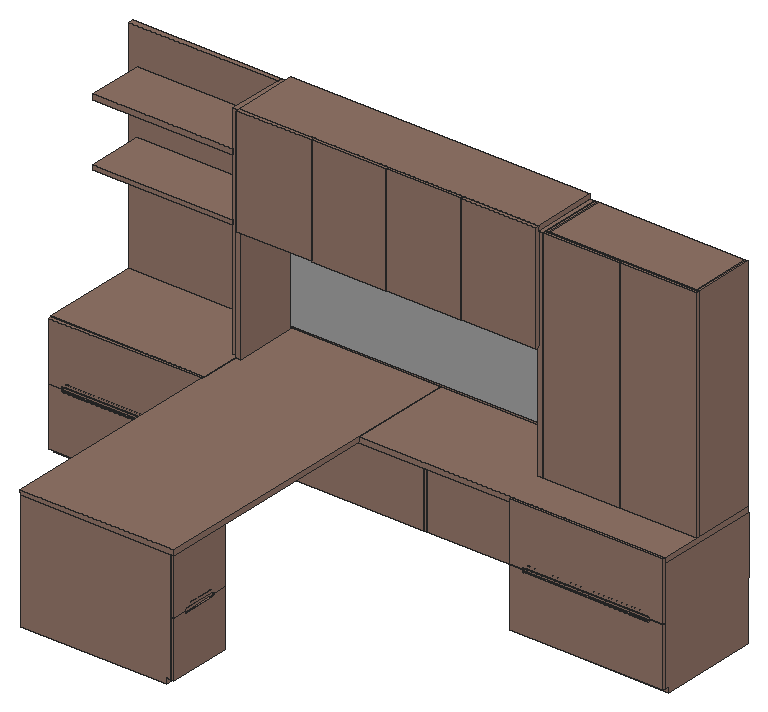
Revit family "OFS TYPICAL T100008", category Furniture, Revit 2022 (continued)
Definition of nested family "OFS SLATE CREDENZAS"
  Definition of nested family "OFS_Slate Private Office_Credenzas_Lateral File"
    Forms (in)
      Extrusion 8, solid, material <- "Case", visible <- "Lateral File"
        sketch origin (0, 0, 0) x (0, 1, 0) y (0, 0, 1)
          loop
            line (0, 28.0125) -> (-0.75, 28.0125) -> (-0.75, 0.45) -> (0, 0.45) -> (0, 28.0125)
        from 0.75 to 29.25
      Extrusion 9, solid, material <- "Case", visible <- "Lateral File"
        sketch origin (0, 0, 0) x (1, 0, 0) y (0, 0, 1)
          loop
            line (0, 28.0125) -> (0, 1.7) -> (0.75, 1.7) -> (0.75, 28.0125) -> (0, 28.0125)
          loop
            line (29.25, 28.0125) -> (29.25, 1.7) -> (30, 1.7) -> (30, 28.0125) -> (29.25, 28.0125)
        from 0 to 24
      Extrusion 10, solid, material <- "Drawers", visible <- "Lateral File"
        sketch origin (0.125, -24.83661, 47.24409) x (0, -1, 0) y (0, 0, 1)
          loop
            line (-0.75, -18.10659) -> (-0.75, -31.76284) -> (0, -31.76284) -> (0, -18.10659) -> (-0.75, -18.10659)
          loop
            line (-0.75, -45.5441) -> (0, -45.5441) -> (0, -31.88784) -> (-0.75, -31.88784) -> (-0.75, -45.5441)
        from 0 to -29.75
      Extrusion 11, void
        sketch origin (-60.07556, -60, 0.45) x (0, -1, 0) y (-1, 0, 0)
          loop
            line (-35.91339, -60.01306) -> (-35.91339, -60.13806) -> (-35.16339, -60.13806) -> (-35.16339, -60.01306) -> (-35.91339, -60.01306)
        from 0 to -28.75
      Sweep 12, void
        path origin (-3.76383, -24.83661, 47.24409) x (-1, 0, 0) y (0, 0, 1)
          loop
            line (-7.41768, -31.01358) -> (-30.10968, -31.01358)
            arc (-30.10968, -31.01358) -> (-30.92144, -31.82534) -> (-30.10968, -32.63711) r 0.81176
            line (-30.10968, -32.63711) -> (-7.41768, -32.63711)
            arc (-7.41768, -32.63711) -> (-6.60591, -31.82534) -> (-7.41768, -31.01358) r 0.81176
        profile origin (14.99984, -24.83661, 16.23051) x (0, 0, -1) y (0, 1, 0)
          loop
            line (0.74926, 0) -> (0.74926, 0.59375) -> (0.23364, 0.59375)
            arc (0.23364, 0.59375) -> (-0.00045, 0.3792) -> (0.19294, 0.12735) r 0.23498
            arc (0.19294, 0.12735) -> (0.23332, 0.10405) -> (0.24927, 0.06025) r 0.06813
            line (0.24927, 0.06025) -> (0.24927, 0) -> (0.74926, 0)
      Sweep 13, void
        path origin (63.76383, -24.83661, 47.24409) x (1, 0, 0) y (0, 0, -1)
          loop
            arc (-8.07183, 31.01358) -> (-7.26007, 31.82534) -> (-8.07183, 32.63711) r 0.81176
            line (-8.07183, 32.63711) -> (-30.76383, 32.63711)
            arc (-30.76383, 32.63711) -> (-31.5756, 31.82534) -> (-30.76383, 31.01358) r 0.81176
            line (-30.76383, 31.01358) -> (-8.07183, 31.01358)
        profile origin (44.346, -24.83661, 16.23051) x (0, 0, 1) y (0, 1, 0)
          loop
            line (-0.74926, 0) -> (-0.24927, 0) -> (-0.24927, 0.06025)
            arc (-0.24927, 0.06025) -> (-0.23332, 0.10405) -> (-0.19294, 0.12735) r 0.06813
            arc (-0.19294, 0.12735) -> (0.00045, 0.3792) -> (-0.23364, 0.59375) r 0.23498
            line (-0.23364, 0.59375) -> (-0.74926, 0.59375) -> (-0.74926, 0)
      Extrusion 14, solid, material <- "Base", visible <- "Lateral File"
        sketch origin (-3.76383, -24.83661, 47.24409) x (-1, 0, 0) y (0, 0, 1)
          loop
            line (-4.51383, -44.79409) -> (-33.01383, -44.79409) -> (-33.01383, -45.54409) -> (-4.51383, -45.54409) -> (-4.51383, -44.79409)
        from 0.83661 to 24.08661
    Cuts and joins
      Extrusion 11, Sweep 12, Sweep 13 cuts Extrusion 10
      joined: Revolve 1, Revolve 2, Revolve 3, Revolve 4
    Lines and regions (in)
      Masking region 1, visible <- "Lateral File"
        outline origin (77.82463, -60, 29.2) x (0, -1, 0) y (1, 0, 0)
          loop
            line (-60, -77.82463) -> (-36, -77.82463) -> (-36, -47.82463) -> (-60, -47.82463) -> (-60, -77.82463)
    Dimensions and locks (in)
      "Width": plane 3 "Center (Left/Right)" to plane 6
      plane 3 "Center (Left/Right)" to plane 11 to plane 7 = 0' - 0 1/8" locked, 0' - 0 5/8" locked
      plane 5 to plane 12 to plane 6 = 0' - 0 5/8" locked, 0' - 0 1/8" locked
      "Length 1": plane 3 "Center (Left/Right)" to plane 4
      Extrusion 11 sketch curve to plane 4 to Extrusion 11 sketch curve = 0' - 0 1/16" locked, 0' - 0 1/16" locked
      equal spacing: plane 6, plane 18, plane 3 "Center (Left/Right)"
      locked: Sweep 12 sketch curve to plane 3 "Center (Left/Right)" at 3.65384
      "Length 2": Sweep 12 sketch curve to Sweep 12 sketch curve
      "Length 2": Sweep 13 sketch curve to Sweep 13 sketch curve
      "Length 3": Sweep 13 sketch curve to plane 3 "Center (Left/Right)"
      aligned and locked: level to plane 2
      aligned and locked: Extrusion 6 to plane 6
      aligned and locked: Sweep 7 sketch curve to Extrusion 6  (x2)
      aligned and locked: plane 10 to Sweep 7 sketch curve
      aligned and locked: plane 5 to Extrusion 8
      aligned and locked: plane 7 to Extrusion 8
      aligned and locked: Extrusion 10 to plane 12
      aligned and locked: Extrusion 11 to plane 14
      aligned and locked: Extrusion 14 sketch curve to plane 7
      aligned and locked: Extrusion 14 sketch curve to plane 5
      aligned and locked: Masking region 1 sketch curve to Extrusion 6  (x4)
    Automatic sketch dimensions
      Revolve 1 sketch curve to plane 13 = 0' - 0"
      Revolve 1 sketch curve to level = 0' - 0"  (x2)
      Revolve 1 sketch curve to plane 7 = 0' - 0.6409"
      Revolve 1 sketch curve to Revolve 1 sketch curve = 0' - 0.245"
      Revolve 1 sketch curve to Revolve 1 sketch curve = 0' - 0.005"
      Revolve 1 sketch curve to Revolve 1 sketch curve = 0' - 0.03868"
      level to Revolve 1 sketch curve = 0' - 0.13"
      Revolve 1 sketch curve to Revolve 1 sketch curve = 0' - 0"
      Revolve 1 sketch curve to level = 0' - 0.09316"
      Revolve 2 sketch curve to plane 13 = 0' - 0"
      Revolve 2 sketch curve to level = 0' - 0"  (x2)
      Revolve 2 sketch curve to plane 5 = 0' - 0.6409"
      Revolve 2 sketch curve to Revolve 2 sketch curve = 0' - 0.245"
      Revolve 2 sketch curve to Revolve 2 sketch curve = 0' - 0.005"
      Revolve 2 sketch curve to Revolve 2 sketch curve = 0' - 0.03868"
      Revolve 2 sketch curve to plane 13 = 0' - 0.19756"
      Revolve 2 sketch curve to Revolve 2 sketch curve = 0' - 0"
      Revolve 2 sketch curve to Revolve 2 sketch curve = 0' - 0.09316"
      Revolve 3 sketch curve to plane 13 = 0' - 0"
      Revolve 3 sketch curve to level = 0' - 0"  (x2)
      Revolve 3 sketch curve to plane 5 = 0' - 0.6409"
      Revolve 3 sketch curve to Revolve 3 sketch curve = 0' - 0.245"
      Revolve 3 sketch curve to Revolve 3 sketch curve = 0' - 0.005"
      Revolve 3 sketch curve to Revolve 3 sketch curve = 0' - 0.03868"
      level to Revolve 3 sketch curve = 0' - 0.13"
      Revolve 3 sketch curve to Revolve 3 sketch curve = 0' - 0"
      Revolve 3 sketch curve to Revolve 3 sketch curve = 0' - 0.09316"
      Revolve 4 sketch curve to plane 13 = 0' - 0"
      Revolve 4 sketch curve to level = 0' - 0"  (x2)
      Revolve 4 sketch curve to plane 7 = 0' - 0.6409"
      Revolve 4 sketch curve to Revolve 4 sketch curve = 0' - 0.245"
      Revolve 4 sketch curve to Revolve 4 sketch curve = 0' - 0.005"
      Revolve 4 sketch curve to Revolve 4 sketch curve = 0' - 0.03868"
      Revolve 4 sketch curve to Revolve 4 sketch curve = 0' - 0.19756"
      Revolve 4 sketch curve to Revolve 4 sketch curve = 0' - 0"
      Revolve 4 sketch curve to level = 0' - 0.09316"
      Extrusion 5 sketch curve to plane 5 = 0' - 0"  (x2)
      Extrusion 5 sketch curve to plane 7 = 0' - 0"  (x2)
      plane 15 to Extrusion 5 sketch curve = 0' - 0.62544"  (x2)
      Extrusion 5 sketch curve to Extrusion 5 sketch curve = 0' - 1 1/2"  (x2)
      Extrusion 5 sketch curve to plane 16 = 0' - 0.62544"  (x2)
      Extrusion 5 sketch curve to plane 7 = 0' - 1 1/2"  (x2)
      Extrusion 5 sketch curve to plane 15 = 0' - 0.87456"  (x2)
      plane 16 to Extrusion 5 sketch curve = 0' - 0.87456"  (x2)
      Extrusion 6 sketch curve to plane 8 = 0' - 0"
      Extrusion 6 sketch curve to plane 1 "Center (Front/Back)" = 0' - 0"
      plane 14 to Extrusion 6 sketch curve = 0' - 0"
      plane 14 to Extrusion 6 sketch curve = 0' - 1 3/16"
      plane 1 "Center (Front/Back)" to Sweep 7 sketch curve = 0' - 0"  (x2)
      Sweep 7 sketch curve to plane 13 = 0' - 0"
      Sweep 7 sketch curve to profile plane = 0' - 0"
      profile plane to Sweep 7 sketch curve = 0' - 0 3/4"
      plane 13 to Sweep 7 sketch curve = 0' - 1 1/4"
      Extrusion 8 sketch curve to plane 13 = 0' - 0"
      Extrusion 8 sketch curve to plane 1 "Center (Front/Back)" = 0' - 0"
      plane 15 to Extrusion 8 sketch curve = 0' - 0.62544"
      plane 14 to Extrusion 8 sketch curve = 0' - 1 3/16"
      Extrusion 9 sketch curve to plane 3 "Center (Left/Right)" = 0' - 0"
      plane 7 to Extrusion 9 sketch curve = 0' - 0"
      Extrusion 9 sketch curve to plane 5 = 0' - 0"
      plane 6 to Extrusion 9 sketch curve = 0' - 0"
      plane 13 to Extrusion 9 sketch curve = 0' - 1 1/4"  (x2)
      plane 14 to Extrusion 9 sketch curve = 0' - 1 3/16"  (x2)
      Extrusion 10 sketch curve to plane 9 = 0' - 0"  (x2)
      Extrusion 10 sketch curve to plane 8 = 0' - 0.08661"  (x2)
      plane 13 to Extrusion 10 sketch curve = 0' - 1 1/4"
      Extrusion 10 sketch curve to Extrusion 10 sketch curve = 1' - 1 21/32"
      Extrusion 10 sketch curve to Extrusion 10 sketch curve = 0' - 0 1/8"
      plane 14 to Extrusion 10 sketch curve = 0' - 0 1/16"
      Extrusion 11 sketch curve to plane 9 = 0' - 0"
      Extrusion 11 sketch curve to plane 8 = 0' - 0.08661"
      Sweep 12 sketch curve to plane 9 = 0' - 0"
      plane 9 to Sweep 12 sketch curve = 0' - 0.06025"
      Sweep 12 sketch curve to profile plane = 0' - 0.18113"
      Sweep 12 sketch curve to profile plane = 0' - 0.23364"
      Sweep 12 sketch curve to Sweep 12 sketch curve = 0' - 0.06813"
      Sweep 12 sketch curve to Sweep 12 sketch curve = 0' - 0 33/64"
      Sweep 12 sketch curve to Sweep 12 sketch curve = 0' - 0.29853"
      Sweep 12 sketch curve to Sweep 12 sketch curve = 0' - 0.23498"
      Sweep 13 sketch curve to plane 9 = 0' - 0"
      profile plane to Sweep 13 sketch curve = 0' - 0.74926"
      profile plane to Sweep 13 sketch curve = 0' - 0.24927"
      profile plane to Sweep 13 sketch curve = 0' - 0.23364"
      Sweep 13 sketch curve to Sweep 13 sketch curve = 0' - 0.06813"
      plane 9 to Sweep 13 sketch curve = 0' - 0.06025"
      Sweep 13 sketch curve to Sweep 13 sketch curve = 0' - 0.29853"
      Sweep 13 sketch curve to Sweep 13 sketch curve = 0' - 0.23498"
      plane 13 to Extrusion 14 sketch curve = 0' - 1 1/4"
      Extrusion 14 sketch curve to Extrusion 14 sketch curve = 0' - 0 3/4"
      plane 13 to Sweep 12 sketch curve = 1' - 2.15699"
      Sweep 12 sketch curve to Sweep 12 sketch curve = 0' - 0.81176"
      plane 14 to Sweep 13 sketch curve = 1' - 0.96949"
      Sweep 13 sketch curve to Sweep 13 sketch curve = 0' - 0.81176"
  Definition of nested family "OFS_Slate Private Office_Credenzas_Overlay Lateral File Doors"
    Parameters
      Width 1 [instance] = if(Width < 5' 0", 5' 0", Width)  # 5' - 0"
      Width [instance] = 5' - 0"
      URL = "http://www.ofsbrands.com/"
      Type = 5
      Top [instance] = none
      Panel [instance] = none
      Model = "Type Catalog"
      Manufacturer = "OFS BRANDS"  # constant formula
      Length 2 [instance] = if(and(Type = 5, Width < 5' 0"), 0' 0.063", 1' 5 7/8")  # 1' - 5 7/8"
      Length 1 [instance] = if(and(Type = 5, Width = 2' 6"), 1' 7.255", if(and(Type = 5, Width = 3' 0"), 2' 1.255", if(and(Type = 5, Width = 5' 0"), 1' 1.255", if(and(Type = 5, Width = 6' 0"), 2' 1.255", if(and(Type = 5, Width = 7' 6"), 1' 6.005", 2' 3.005")))))  # 1' - 1.255"
      Overlay Lateral File = Type = 5  # yes
      Lateral Drawers [instance] = and(Overlay Lateral File, not(Width < 5' 0"))  # yes
      Glides [instance] = none
      Drawers [instance] = none
      Description = "Type Catalog"
      Default Elevation = 0' - 0"
      Copyright © = "© 2016 OFS BRANDS"  # constant formula
      Catalog = "OFS"  # constant formula
      Case [instance] = none
      Base [instance] = none
      Authoring Version = "Autodesk Revit Architecture 2014"  # constant formula
      Assembly Code = "E2020200"
      4 Drawers [instance] = and(Type = 5, Width > 6' 0")  # no
      2 Drawers [instance] = and(Type = 5, Width < 7' 6")  # yes
    Reference planes (in)
      plane 1 "Center (Front/Back)": y = 0
      plane 2: z = 0
      plane 3 "Center (Left/Right)": x = 0
      plane 4: x = 59.25
      plane 5: x = 60
      plane 6: x = 0.75
      plane 7: y = -24
      plane 8: y = -25.58661
      plane 9: y = -23.125
      plane 10: x = 0.125
      plane 11: x = 59.875
      plane 12: z = 0.45
      plane 13: z = 30.3875
      plane 14: y = -1.38677
      plane 15: y = -21.25
      plane 16: y = -11.5625
      plane 17: x = 30
      plane 18: x = 19.6875
      plane 19: x = 40.3125
      plane 20: x = 1.8125
      plane 21: x = 58.1875
      plane 22: x = 58.0625
    Forms (in)
      Revolve 1, solid, material <- "Glides", visible <- "Overlay Lateral File"
        sketch origin (1.0178, -1.38677, 47.24409) x (-1, 0, 0) y (0, 0, 1)
          loop
            line (0.04905, -46.79409) -> (0.04905, -47.24409) -> (0.29405, -47.24409)
            arc (0.29405, -47.24409) -> (0.42215, -47.13626) -> (0.33773, -46.99165) r 0.13
            line (0.33773, -46.99165) -> (0.29905, -46.99165) -> (0.29905, -46.79409) -> (0.04905, -46.79409)
          axis (0.04905, -46.79409) -> (0.04905, -47.24409)
        angle from 0 to 360
      Revolve 2, solid, material <- "Glides", visible <- "Overlay Lateral File"
        sketch origin (70.9822, -1.38677, 47.24409) x (1, 0, 0) y (0, 0, -1)
          loop
            line (-11.95095, 46.79409) -> (-11.70095, 46.79409) -> (-11.70095, 46.99165) -> (-11.66227, 46.99165)
            arc (-11.66227, 46.99165) -> (-11.57785, 47.13626) -> (-11.70595, 47.24409) r 0.13
            line (-11.70595, 47.24409) -> (-11.95095, 47.24409) -> (-11.95095, 46.79409)
          axis (-11.95095, 46.79409) -> (-11.95095, 47.24409)
        angle from 0 to 360
      Revolve 3, solid, material <- "Glides", visible <- "Overlay Lateral File"
        sketch origin (1.0178, -21.25, 47.24409) x (-1, 0, 0) y (0, 0, 1)
          loop
            line (-58.01344, -46.79409) -> (-58.26344, -46.79409) -> (-58.26344, -46.99165) -> (-58.30212, -46.99165)
            arc (-58.30212, -46.99165) -> (-58.38654, -47.13626) -> (-58.25844, -47.24409) r 0.13
            line (-58.25844, -47.24409) -> (-58.01344, -47.24409) -> (-58.01344, -46.79409)
          axis (-58.01344, -46.79409) -> (-58.01344, -47.24409)
        angle from 0 to 360
      Revolve 4, solid, material <- "Glides", visible <- "Overlay Lateral File"
        sketch origin (1.0178, -21.25, 47.24409) x (-1, 0, 0) y (0, 0, 1)
          loop
            line (0.04905, -46.79409) -> (0.04905, -47.24409) -> (0.29405, -47.24409)
            arc (0.29405, -47.24409) -> (0.42215, -47.13626) -> (0.33773, -46.99165) r 0.13
            line (0.33773, -46.99165) -> (0.29905, -46.99165) -> (0.29905, -46.79409) -> (0.04905, -46.79409)
          axis (0.04905, -46.79409) -> (0.04905, -47.24409)
        angle from 0 to 360
      Sweep 5, solid, material <- "Panel", visible <- "Overlay Lateral File"
        path origin (-60.07556, -60, 0.45) x (-1, 0, 0) y (0, -1, 0)
          loop
            line (-120.07556, -36.875) -> (-60.07556, -36.875)
        profile origin (30, -23.125, 0.45) x (0, -1, 0) y (0, 0, 1)
          loop
            line (-0.75, 0) -> (0, 0) -> (0, 1.25) -> (-0.75, 1.25) -> (-0.75, 0)
      Extrusion 6, solid, material <- "Case", visible <- "Overlay Lateral File"
        sketch origin (0, 0, 0) x (0, 1, 0) y (0, 0, 1)
          loop
            line (0, 29.2) -> (-0.76133, 29.2) -> (-0.76133, 0.45) -> (0, 0.45) -> (0, 29.2)
        from 1.9375 to 58.0625
      Extrusion 7, solid, material <- "Panel", visible <- "Overlay Lateral File"
        sketch origin (0, 0, 0) x (1, 0, 0) y (0, 0, 1)
          loop
            line (0, 29.2) -> (0, 1.7) -> (1.9375, 1.7) -> (1.9375, 29.2) -> (0, 29.2)
          loop
            line (58.0625, 29.2) -> (58.0625, 1.7) -> (60, 1.7) -> (60, 29.2) -> (58.0625, 29.2)
        from 0 to 24.75
      Extrusion 8, solid, material <- "Drawers", visible <- "Lateral Drawers"
        sketch origin (0.125, -24.83661, 47.24409) x (0, -1, 0) y (0, 0, 1)
          loop
            line (0.49, -16.91909) -> (0.40162, -16.9557) -> (0, -17.35732) -> (0, -45.5441) -> (0.75, -45.5441) -> (0.75, -16.91909) -> (0.49, -16.91909)
        from -1.6875 to -19.5625
      Extrusion 9, solid, material <- "Base", visible <- "Overlay Lateral File"
        sketch origin (-3.76383, -25.58661, 47.24409) x (-1, 0, 0) y (0, 0, 1)
          loop
            line (-5.70133, -44.79409) -> (-61.82633, -44.79409) -> (-61.82633, -45.54409) -> (-5.70133, -45.54409) -> (-5.70133, -44.79409)
        from 0.83661 to 24.83661
      Extrusion 10, solid, material <- "Drawers", visible <- "Lateral Drawers"
        sketch origin (65.875, -24.83661, 47.24409) x (0, -1, 0) y (0, 0, -1)
          loop
            line (0.49, 16.91909) -> (0.75, 16.91909) -> (0.75, 45.5441) -> (0, 45.5441) -> (0, 17.35732) -> (0.40162, 16.9557) -> (0.49, 16.91909)
        from -7.6875 to -25.5625
      Extrusion 11, solid, material <- "Drawers", visible <- "2 Drawers"
        sketch origin (-3.76383, -25.58661, 47.24409) x (-1, 0, 0) y (0, 0, 1)
          loop
            line (-23.57633, -16.9191) -> (-43.95133, -16.9191) -> (-43.95133, -30.57535) -> (-23.57633, -30.57535) -> (-23.57633, -16.9191)
          loop
            line (-43.95133, -30.70035) -> (-43.95133, -45.54409) -> (-23.57633, -45.54409) -> (-23.57633, -30.70035) -> (-43.95133, -30.70035)
        from 0 to 0.75
      Extrusion 12, solid, material <- "Top", visible <- "Overlay Lateral File"
        sketch origin (1.8125, -27.03977, 47.24409) x (0, -1, 0) y (0, 0, 1)
          loop
            line (-26.28977, -16.85659) -> (-26.28977, -18.0441) -> (-2.28977, -18.0441) -> (-2.28977, -16.85659) -> (-26.28977, -16.85659)
        from 0 to -56.375
      Extrusion 13, solid, material <- "Panel", visible <- "Overlay Lateral File"
        sketch origin (-60.07556, -60, 0.45) x (-1, 0, 0) y (0, -1, 0)
          loop
            line (-62.01306, -38.8125) -> (-62.01306, -60) -> (-60.07556, -60) -> (-60.07556, -36.875) -> (-62.01306, -38.8125)
          loop
            line (-118.13806, -38.8125) -> (-120.07556, -36.875) -> (-120.07556, -60) -> (-118.13806, -60) -> (-118.13806, -38.8125)
        from 0 to 1.25
      Sweep 14, void
        path origin (-3.76383, -25.58661, 47.24409) x (-1, 0, 0) y (0, 0, 1)
          loop
            line (-27.13633, -29.82608) -> (-40.39133, -29.82608)
            arc (-40.39133, -29.82608) -> (-41.2031, -30.63785) -> (-40.39133, -31.44961) r 0.81176
            line (-40.39133, -31.44961) -> (-27.13633, -31.44961)
            arc (-27.13633, -31.44961) -> (-26.32457, -30.63785) -> (-27.13633, -29.82608) r 0.81176
        profile origin (30, -25.58661, 17.41801) x (0, 0, -1) y (0, 1, 0)
          loop
            line (0.74926, 0) -> (0.74926, 0.59375) -> (0.23364, 0.59375)
            arc (0.23364, 0.59375) -> (0.00071, 0.38112) -> (0.19126, 0.12981) r 0.2339
            arc (0.19126, 0.12981) -> (0.23287, 0.10547) -> (0.24927, 0.06015) r 0.07084
            line (0.24927, 0.06015) -> (0.24927, 0) -> (0.74926, 0)
      Extrusion 15, solid, material <- "Drawers", visible <- "4 Drawers"
        sketch origin (30, -60, -12) x (0, 0, -1) y (0, -1, 0)
          loop
            line (-42.325, -35.16339) -> (-28.66875, -35.16339) -> (-28.66875, -34.41339) -> (-42.325, -34.41339) -> (-42.325, -35.16339)
          loop
            line (-28.54375, -35.16339) -> (-13.7, -35.16339) -> (-13.7, -34.41339) -> (-28.54375, -34.41339) -> (-28.54375, -35.16339)
        from 0.125 to 10.1875
      Extrusion 16, solid, material <- "Drawers", visible <- "4 Drawers"
        sketch origin (30, -60, -12) x (0, 0, -1) y (0, -1, 0)
          loop
            line (-42.325, -35.16339) -> (-28.66875, -35.16339) -> (-28.66875, -34.41339) -> (-42.325, -34.41339) -> (-42.325, -35.16339)
          loop
            line (-28.54375, -35.16339) -> (-13.7, -35.16339) -> (-13.7, -34.41339) -> (-28.54375, -34.41339) -> (-28.54375, -35.16339)
        from -0.125 to -10.1875
      Sweep 17, void
        path origin (-3.76383, -25.58661, 47.24409) x (-1, 0, 0) y (0, 0, 1)
          loop
            line (-16.88624, -29.82608) -> (-30.14124, -29.82608)
            arc (-30.14124, -29.82608) -> (-30.953, -30.63785) -> (-30.14124, -31.44961) r 0.81176
            line (-30.14124, -31.44961) -> (-16.88624, -31.44961)
            arc (-16.88624, -31.44961) -> (-16.07448, -30.63785) -> (-16.88624, -29.82608) r 0.81176
        profile origin (19.74991, -25.58661, 17.41801) x (0, 0, -1) y (0, 1, 0)
          loop
            line (0.74926, 0) -> (0.74926, 0.59363) -> (0.23316, 0.59363)
            arc (0.23316, 0.59363) -> (-0.0007, 0.37998) -> (0.191, 0.12781) r 0.23482
            arc (0.191, 0.12781) -> (0.23279, 0.10343) -> (0.24927, 0.05795) r 0.07102
            line (0.24927, 0.05795) -> (0.24927, 0) -> (0.74926, 0)
      Sweep 18, void
        path origin (93.76383, -25.58661, 47.24409) x (1, 0, 0) y (0, 0, -1)
          loop
            arc (-46.88624, 29.82608) -> (-46.07448, 30.63785) -> (-46.88624, 31.44961) r 0.81176
            line (-46.88624, 31.44961) -> (-60.14124, 31.44961)
            arc (-60.14124, 31.44961) -> (-60.953, 30.63785) -> (-60.14124, 29.82608) r 0.81176
            line (-60.14124, 29.82608) -> (-46.88624, 29.82608)
        profile origin (40.25009, -25.58661, 17.41801) x (0, 0, 1) y (0, 1, 0)
          loop
            line (-0.74926, 0) -> (-0.24927, 0) -> (-0.24927, 0.05795)
            arc (-0.24927, 0.05795) -> (-0.23279, 0.10343) -> (-0.191, 0.12781) r 0.07102
            arc (-0.191, 0.12781) -> (0.0007, 0.37998) -> (-0.23316, 0.59363) r 0.23482
            line (-0.23316, 0.59363) -> (-0.74926, 0.59363) -> (-0.74926, 0)
    Cuts and joins
      joined: Revolve 1, Revolve 2, Revolve 3, Revolve 4
      joined: Extrusion 8, Extrusion 10
      joined: Sweep 5, Extrusion 13
      Sweep 14 cuts Extrusion 11
      Sweep 17, Sweep 18 cuts Extrusion 15
      Sweep 18 cuts Extrusion 16
    Lines and regions (in)
      Masking region 1, visible <- "Overlay Lateral File"
        outline origin (77.82463, -60, 30.3875) x (0, -1, 0) y (1, 0, 0)
          loop
            line (-60, -77.82463) -> (-34.41339, -77.82463) -> (-34.41339, -17.82463) -> (-60, -17.82463) -> (-60, -77.82463)
    Dimensions and locks (in)
      "Width 1": plane 3 "Center (Left/Right)" to plane 5
      equal spacing: plane 3 "Center (Left/Right)", plane 17, plane 5
      locked: plane 18 to Extrusion 11 sketch curve at 0.125
      locked: plane 19 to Extrusion 11 sketch curve at 0.125
      locked: Extrusion 7 sketch curve to plane 3 "Center (Left/Right)" at 1.9375
      locked: plane 20 to Extrusion 9 sketch curve at 0.125
      equal spacing: Sweep 14 sketch curve, plane 17, Sweep 14 sketch curve
      "Length 1": Sweep 14 sketch curve to Sweep 14 sketch curve
      Extrusion 13 sketch curve to Extrusion 13 sketch curve to plane 9 = 0' - 0" locked, 0' - 1 15/16" locked
      locked: plane 3 "Center (Left/Right)" to Extrusion 13 sketch curve at 1.9375
      locked: Sweep 17 sketch curve to plane 17 at 3.62259
      "Length 1": Sweep 17 sketch curve to Sweep 17 sketch curve
      "Length 1": Sweep 18 sketch curve to Sweep 18 sketch curve
      locked: plane 17 to Sweep 18 sketch curve at 3.62259
      plane 3 "Center (Left/Right)" to plane 10 to plane 6 to plane 20 = 0' - 0 1/8" locked, 0' - 0 5/8" locked, 0' - 1 1/16" locked
      plane 22 to plane 21 to plane 4 to plane 11 to plane 5 = 0' - 0 1/8" locked, 0' - 1 1/16" locked, 0' - 0 5/8" locked, 0' - 0 1/8" locked
      "Length 2": plane 20 to plane 18
      "Length 2": plane 19 to plane 21
      aligned and locked: level to plane 2
      aligned and locked: plane 9 to Sweep 5 sketch curve
      aligned and locked: Extrusion 10 to plane 19
      aligned and locked: Extrusion 11 sketch curve to Extrusion 11 sketch curve  (x2)
      aligned and locked: cut or joined group of Extrusion 8, Extrusion 10 to plane 18
      aligned and locked: cut or joined group of Extrusion 8, Extrusion 10 to plane 19
      aligned and locked: plane 21 to Extrusion 12
      aligned and locked: plane 21 to cut or joined group of Extrusion 8, Extrusion 10
      aligned and locked: Extrusion 6 to plane 22
      aligned and locked: Extrusion 7 sketch curve to plane 22
      aligned and locked: Extrusion 13 sketch curve to plane 22
      aligned and locked: plane 5 to Extrusion 13 sketch curve
      aligned and locked: plane 9 to Extrusion 13 sketch curve  (x2)
      aligned and locked: Extrusion 13 sketch curve to plane 3 "Center (Left/Right)"
      aligned and locked: plane 22 to Extrusion 9 sketch curve
      aligned and locked: Masking region 1 sketch curve to Extrusion 7
      aligned and locked: cut or joined group of Extrusion 11, Sweep 14 to cut or joined group of Extrusion 15, Sweep 17, Sweep 18
      aligned and locked: cut or joined group of Extrusion 16, Sweep 18 to cut or joined group of Extrusion 11, Sweep 14
    Automatic sketch dimensions
      Revolve 1 sketch curve to plane 12 = 0' - 0"
      Revolve 1 sketch curve to level = 0' - 0"  (x2)
      Revolve 1 sketch curve to plane 6 = 0' - 0 7/32"
      plane 6 to Revolve 1 sketch curve = 0' - 0.02625"
      plane 6 to Revolve 1 sketch curve = 0' - 0 1/32"
      Revolve 1 sketch curve to Revolve 1 sketch curve = 0' - 0.03868"
      level to Revolve 1 sketch curve = 0' - 0.13"
      Revolve 1 sketch curve to Revolve 1 sketch curve = 0' - 0"
      Revolve 1 sketch curve to level = 0' - 0.09316"
      Revolve 2 sketch curve to plane 12 = 0' - 0"
      Revolve 2 sketch curve to level = 0' - 0"  (x2)
      Revolve 2 sketch curve to plane 4 = 0' - 0 7/32"
      plane 4 to Revolve 2 sketch curve = 0' - 0.02625"
      plane 4 to Revolve 2 sketch curve = 0' - 0 1/32"
      Revolve 2 sketch curve to Revolve 2 sketch curve = 0' - 0.03868"
      Revolve 2 sketch curve to plane 12 = 0' - 0.19756"
      Revolve 2 sketch curve to Revolve 2 sketch curve = 0' - 0"
      Revolve 2 sketch curve to Revolve 2 sketch curve = 0' - 0.09316"
      Revolve 3 sketch curve to plane 12 = 0' - 0"
      Revolve 3 sketch curve to level = 0' - 0"  (x2)
      plane 4 to Revolve 3 sketch curve = 0' - 0.06992"
      plane 4 to Revolve 3 sketch curve = 0' - 0 1/32"
      plane 4 to Revolve 3 sketch curve = 0' - 0.02625"
      Revolve 3 sketch curve to plane 4 = 0' - 0 7/32"
      level to Revolve 3 sketch curve = 0' - 0.13"
      Revolve 3 sketch curve to Revolve 3 sketch curve = 0' - 0"
      Revolve 3 sketch curve to Revolve 3 sketch curve = 0' - 0.09316"
      Revolve 4 sketch curve to plane 12 = 0' - 0"
      Revolve 4 sketch curve to level = 0' - 0"  (x2)
      Revolve 4 sketch curve to plane 6 = 0' - 0 7/32"
      plane 6 to Revolve 4 sketch curve = 0' - 0.02625"
      plane 6 to Revolve 4 sketch curve = 0' - 0 1/32"
      Revolve 4 sketch curve to Revolve 4 sketch curve = 0' - 0.03868"
      Revolve 4 sketch curve to Revolve 4 sketch curve = 0' - 0.13"
      Revolve 4 sketch curve to Revolve 4 sketch curve = 0' - 0"
      Revolve 4 sketch curve to level = 0' - 0.09316"
      Sweep 5 sketch curve to plane 5 = 0' - 0"
      Sweep 5 sketch curve to plane 3 "Center (Left/Right)" = 0' - 0"
      Sweep 5 sketch curve to plane 12 = 0' - 0"
      Sweep 5 sketch curve to profile plane = 0' - 0"
      profile plane to Sweep 5 sketch curve = 0' - 0 3/4"
      Sweep 5 sketch curve to Sweep 5 sketch curve = 0' - 1 1/4"
      Extrusion 6 sketch curve to plane 12 = 0' - 0"
      Extrusion 6 sketch curve to plane 1 "Center (Front/Back)" = 0' - 0"
      plane 14 to Extrusion 6 sketch curve = 0' - 0.62544"
      plane 13 to Extrusion 6 sketch curve = 0' - 1 3/16"
      Extrusion 7 sketch curve to plane 3 "Center (Left/Right)" = 0' - 0"
      plane 5 to Extrusion 7 sketch curve = 0' - 0"
      plane 12 to Extrusion 7 sketch curve = 0' - 1 1/4"  (x2)
      plane 13 to Extrusion 7 sketch curve = 0' - 1 3/16"  (x2)
      Extrusion 8 sketch curve to plane 8 = 0' - 0"
      plane 13 to Extrusion 8 sketch curve = 0' - 0 1/16"
      plane 8 to Extrusion 8 sketch curve = 0' - 0.26"
      plane 13 to Extrusion 8 sketch curve = 0' - 0.09911"
      Extrusion 8 sketch curve to Extrusion 8 sketch curve = 0' - 0.08838"
      plane 8 to Extrusion 8 sketch curve = 0' - 0 3/4"
      plane 13 to Extrusion 8 sketch curve = 0' - 0.50072"
      plane 12 to Extrusion 8 sketch curve = 0' - 1 1/4"
      plane 12 to Extrusion 9 sketch curve = 0' - 1 1/4"
      Extrusion 9 sketch curve to Extrusion 9 sketch curve = 0' - 0 3/4"
      Extrusion 10 sketch curve to plane 8 = 0' - 0"
      plane 13 to Extrusion 10 sketch curve = 0' - 0 1/16"
      Extrusion 10 sketch curve to Extrusion 10 sketch curve = 0' - 0.26"
      plane 13 to Extrusion 10 sketch curve = 0' - 0.09911"
      Extrusion 10 sketch curve to Extrusion 10 sketch curve = 0' - 0.08838"
      Extrusion 10 sketch curve to Extrusion 10 sketch curve = 0' - 0 3/4"
      plane 13 to Extrusion 10 sketch curve = 0' - 0.50072"
      plane 12 to Extrusion 10 sketch curve = 0' - 1 1/4"
      plane 12 to Extrusion 11 sketch curve = 0' - 1 1/4"
      plane 13 to Extrusion 11 sketch curve = 1' - 1 27/32"
      Extrusion 11 sketch curve to Extrusion 11 sketch curve = 0' - 0 1/8"
      plane 13 to Extrusion 11 sketch curve = 0' - 0 1/16"
      plane 13 to Extrusion 12 sketch curve = 0' - 0"
      plane 14 to Extrusion 12 sketch curve = 0' - 0.63677"
      Extrusion 12 sketch curve to plane 7 = 0' - 0 3/4"
      plane 13 to Extrusion 12 sketch curve = 0' - 1 3/16"
      plane 1 "Center (Front/Back)" to Extrusion 13 sketch curve = 0' - 0"  (x2)
      Sweep 14 sketch curve to plane 8 = 0' - 0"
      plane 8 to Sweep 14 sketch curve = 0' - 0.06015"
      Sweep 14 sketch curve to profile plane = 0' - 0.17843"
      Sweep 14 sketch curve to profile plane = 0' - 0.23364"
      Sweep 14 sketch curve to Sweep 14 sketch curve = 0' - 0.07084"
      Sweep 14 sketch curve to Sweep 14 sketch curve = 0' - 0 33/64"
      Sweep 14 sketch curve to Sweep 14 sketch curve = 0' - 0.2997"
      Sweep 14 sketch curve to Sweep 14 sketch curve = 0' - 0.2339"
      Extrusion 15 sketch curve to plane 8 = 0' - 0"  (x2)
      plane 13 to Extrusion 15 sketch curve = 0' - 0 1/16"
      plane 8 to Extrusion 15 sketch curve = 0' - 0 3/4"
      Extrusion 15 sketch curve to Extrusion 15 sketch curve = 1' - 1 21/32"
      Extrusion 15 sketch curve to Extrusion 15 sketch curve = 0' - 0 1/8"
      plane 12 to Extrusion 15 sketch curve = 0' - 1 1/4"
      Extrusion 15 sketch curve to Extrusion 15 sketch curve = 0' - 0 3/4"
      Extrusion 16 sketch curve to plane 8 = 0' - 0"  (x2)
      plane 13 to Extrusion 16 sketch curve = 0' - 0 1/16"
      plane 8 to Extrusion 16 sketch curve = 0' - 0 3/4"
      Extrusion 16 sketch curve to Extrusion 16 sketch curve = 1' - 1 21/32"
      Extrusion 16 sketch curve to Extrusion 16 sketch curve = 0' - 0 1/8"
      plane 12 to Extrusion 16 sketch curve = 0' - 1 1/4"
      Extrusion 16 sketch curve to Extrusion 16 sketch curve = 0' - 0 3/4"
      Sweep 17 sketch curve to plane 8 = 0' - 0"
      plane 8 to Sweep 17 sketch curve = 0' - 0.05795"
      Sweep 17 sketch curve to profile plane = 0' - 0.17825"
      Sweep 17 sketch curve to profile plane = 0' - 0.23316"
      Sweep 17 sketch curve to Sweep 17 sketch curve = 0' - 0.07102"
      Sweep 17 sketch curve to Sweep 17 sketch curve = 0' - 0.5161"
      Sweep 17 sketch curve to Sweep 17 sketch curve = 0' - 0.30087"
      Sweep 17 sketch curve to Sweep 17 sketch curve = 0' - 0.23482"
      Sweep 18 sketch curve to plane 8 = 0' - 0"
      profile plane to Sweep 18 sketch curve = 0' - 0.74926"
      profile plane to Sweep 18 sketch curve = 0' - 0.24927"
      profile plane to Sweep 18 sketch curve = 0' - 0.23316"
      Sweep 18 sketch curve to Sweep 18 sketch curve = 0' - 0.07102"
      plane 8 to Sweep 18 sketch curve = 0' - 0.05795"
      Sweep 18 sketch curve to Sweep 18 sketch curve = 0' - 0.30087"
      Sweep 18 sketch curve to Sweep 18 sketch curve = 0' - 0.23482"
      Masking region 1 sketch curve to plane 3 "Center (Left/Right)" = 0' - 0"
      Masking region 1 sketch curve to plane 8 = 0' - 0"
      Masking region 1 sketch curve to plane 5 = 0' - 0"
      plane 13 to Sweep 14 sketch curve = 1' - 2.59302"
      Sweep 14 sketch curve to Sweep 14 sketch curve = 0' - 0.81176"
      plane 13 to Sweep 17 sketch curve = 1' - 2.59302"
      Sweep 17 sketch curve to Sweep 17 sketch curve = 0' - 0.81176"
      plane 13 to Sweep 18 sketch curve = 1' - 0.96949"
      Sweep 18 sketch curve to Sweep 18 sketch curve = 0' - 0.81176"
Definition of nested family "OFS SLATE OPEN SHELF ORGANIZER"
  Parameters (values of type "Open Shelf Organizer2 Shelves - Left, 2 High - 36W x 52H")
    Width = 3' - 0"
    URL = "http://www.ofs.com/"
    Shelves = 2
    Shelf [instance] = none
    Right = no
    Panel [instance] = none
    Model = "CA-3652LS31-2"
    Manufacturer = "CAROLINA"
    Length = if(Shelves = 1, 0' 1.188", 1' 4")  # 1' - 4"
    Left = yes
    High = 2
    Height 1 = if(and(Shelves = 1, High = 1, Height = 3' 4"), 1' 7", if(and(Shelves = 1, High = 1.5, Height = 4' 4"), 2' 1", if(and(Shelves = 2, High = 1.5, Height = 4' 4"), 2' 1", 2' 7")))  # 2' - 7"
    Height = 4' - 4"
    Elevation [instance] = 2' - 5 1/4"
    Description = "OFS SLATE Open Shelf Organizer, 2 Shelves, Left 36W x 14.25D x 51.5H, Slate Private Office"
    Default Elevation = 0' - 0"
    Copyright © = "© 2019 OFS"
    Catalog = "https://ofs.com/products/tables/conference/slate"
    Authoring Version = "Autodesk Revit Architecture 2014"
    Assembly Code = "E2020200"
  Types (40): name | Width | Shelves | Right | Model | Length | Left | High | Height 1 | Height | Description
    Open Shelf Organizer2 Shelves - Left, 2 High - 36W x 52H | 3' - 0" | 2 | no | "CA-3652LS31-2" | 1' - 4" | yes | 2 | 2' - 7" | 4' - 4" | "OFS SLATE Open Shelf Organizer, 2 Shelves, Left 36W x 14.25D x 51.5H, Slate Private Office"
    Open Shelf Organizer2 Shelves - Left 2 High - 30W x 52H | 2' - 6" | 2 | no | "CA-3052LS31-2" | 1' - 4" | yes | 2 | 2' - 7" | 4' - 4" | "OFS SLATE Open Shelf Organizer, 2 Shelves, Left 30W x 14.25D x 51.5H, Slate Private Office"
    Open Shelf Organizer2 Shelves - Left 2 High - 24W x 52H | 2' - 0" | 2 | no | "CA-2452LS31-2" | 1' - 4" | yes | 2 | 2' - 7" | 4' - 4" | "OFS SLATE Open Shelf Organizer, 2 Shelves, Left 24W x 14.25D x 51.5H, Slate Private Office"
    Open Shelf Organizer2 Shelves - Left 2 High - 18W x 52H | 1' - 6" | 2 | no | "CA-1852LS31-2" | 1' - 4" | yes | 2 | 2' - 7" | 4' - 4" | "OFS SLATE Open Shelf Organizer, 2 Shelves, Left 18W x 14.25D x 51.5H, Slate Private Office"
    Open Shelf Organizer2 Shelves - Right 2 High - 36W x 52H | 3' - 0" | 2 | yes | "CA-3652RS31-2" | 1' - 4" | no | 2 | 2' - 7" | 4' - 4" | "OFS SLATE Open Shelf Organizer, 2 Shelves, Right 36W x 14.25D x 51.5H, Slate Private Office"
    Open Shelf Organizer2 Shelves - Right 2 High - 30W x 52H | 2' - 6" | 2 | yes | "CA-3052RS31-2" | 1' - 4" | no | 2 | 2' - 7" | 4' - 4" | "OFS SLATE Open Shelf Organizer, 2 Shelves, Right 30W x 14.25D x 51.5H, Slate Private Office"
    Open Shelf Organizer2 Shelves - Right 2 High - 24W x 52H | 2' - 0" | 2 | yes | "CA-2452RS31-2" | 1' - 4" | no | 2 | 2' - 7" | 4' - 4" | "OFS SLATE Open Shelf Organizer, 2 Shelves, Right 24W x 14.25D x 51.5H, Slate Private Office"
    Open Shelf Organizer2 Shelves - Right 2 High - 18W x 52H | 1' - 6" | 2 | yes | "CA-1852RS31-2" | 1' - 4" | no | 2 | 2' - 7" | 4' - 4" | "OFS SLATE Open Shelf Organizer, 2 Shelves, Right 18W x 14.25D x 51.5H, Slate Private Office"
    Open Shelf Organizer2 Shelves - Left 1.5 High - 36W x 52H | 3' - 0" | 2 | no | "CA-3652LS25-2" | 1' - 4" | yes | 1.5 | 2' - 1" | 4' - 4" | "OFS SLATE Open Shelf Organizer, 2 Shelves, Left 36W x 14.25D x 51.5H, Slate Private Office"
    Open Shelf Organizer2 Shelves - Left 1.5 High - 30W x 52H | 2' - 6" | 2 | no | "CA-3052LS25-2" | 1' - 4" | yes | 1.5 | 2' - 1" | 4' - 4" | "OFS SLATE Open Shelf Organizer, 2 Shelves, Left 30W x 14.25D x 51.5H, Slate Private Office"
    Open Shelf Organizer2 Shelves - Left 1.5 High - 24W x 52H | 2' - 0" | 2 | no | "CA-2452LS25-2" | 1' - 4" | yes | 1.5 | 2' - 1" | 4' - 4" | "OFS SLATE Open Shelf Organizer, 2 Shelves, Left 24W x 14.25D x 51.5H, Slate Private Office"
    Open Shelf Organizer2 Shelves - Left 1.5 High - 18W x 52H | 1' - 6" | 2 | no | "CA-1852LS25-2" | 1' - 4" | yes | 1.5 | 2' - 1" | 4' - 4" | "OFS SLATE Open Shelf Organizer, 2 Shelves, Left 18W x 14.25D x 51.5H, Slate Private Office"
    Open Shelf Organizer2 Shelves - Right 1.5 High - 36W x 52H | 3' - 0" | 2 | yes | "CA-3652RS25-2" | 1' - 4" | no | 1.5 | 2' - 1" | 4' - 4" | "OFS SLATE Open Shelf Organizer, 2 Shelves, Right 36W x 14.25D x 51.5H, Slate Private Office"
    Open Shelf Organizer2 Shelves - Right 1.5 High - 30W x 52H | 2' - 6" | 2 | yes | "CA-3052RS25-2" | 1' - 4" | no | 1.5 | 2' - 1" | 4' - 4" | "OFS SLATE Open Shelf Organizer, 2 Shelves, Right 30W x 14.25D x 51.5H, Slate Private Office"
    Open Shelf Organizer2 Shelves - Right 1.5 High - 24W x 52H | 2' - 0" | 2 | yes | "CA-2452RS25-2" | 1' - 4" | no | 1.5 | 2' - 1" | 4' - 4" | "OFS SLATE Open Shelf Organizer, 2 Shelves, Right 24W x 14.25D x 51.5H, Slate Private Office"
    Open Shelf Organizer2 Shelves - Right 1.5 High - 18W x 52H | 1' - 6" | 2 | yes | "CA-1852RS25-2" | 1' - 4" | no | 1.5 | 2' - 1" | 4' - 4" | "OFS SLATE Open Shelf Organizer, 2 Shelves, Right 18W x 14.25D x 51.5H, Slate Private Office"
    Open Shelf Organizer1 Shelf - Left 2 High - 36W x 52H | 3' - 0" | 1 | no | "CA-3652LS31-1" | 0' - 1.188" | yes | 2 | 2' - 7" | 4' - 4" | "OFS SLATE Open Shelf Organizer, 1 Shelf, Left 36W x 14.25D x 51.5H, Slate Private Office"
    Open Shelf Organizer1 Shelf - Left 2 High - 30W x 52H | 2' - 6" | 1 | no | "CA-3052LS31-1" | 0' - 1.188" | yes | 2 | 2' - 7" | 4' - 4" | "OFS SLATE Open Shelf Organizer, 1 Shelf, Left 30W x 14.25D x 51.5H, Slate Private Office"
    Open Shelf Organizer1 Shelf - Left 2 High - 24W x 52H | 2' - 0" | 1 | no | "CA-2452LS31-1" | 0' - 1.188" | yes | 2 | 2' - 7" | 4' - 4" | "OFS SLATE Open Shelf Organizer, 1 Shelf, Left 24W x 14.25D x 51.5H, Slate Private Office"
    Open Shelf Organizer1 Shelf - Left 2 High - 18W x 52H | 1' - 6" | 1 | no | "CA-1852LS31-1" | 0' - 1.188" | yes | 2 | 2' - 7" | 4' - 4" | "OFS SLATE Open Shelf Organizer, 1 Shelf, Left 18W x 14.25D x 51.5H, Slate Private Office"
    Open Shelf Organizer1 Shelf - Right 2 High - 36W x 52H | 3' - 0" | 1 | yes | "CA-3652RS31-1" | 0' - 1.188" | no | 2 | 2' - 7" | 4' - 4" | "OFS SLATE Open Shelf Organizer, 1 Shelf, Right 36W x 14.25D x 51.5H, Slate Private Office"
    Open Shelf Organizer1 Shelf - Right 2 High - 30W x 52H | 2' - 6" | 1 | yes | "CA-3052RS31-1" | 0' - 1.188" | no | 2 | 2' - 7" | 4' - 4" | "OFS SLATE Open Shelf Organizer, 1 Shelf, Right 30W x 14.25D x 51.5H, Slate Private Office"
    Open Shelf Organizer1 Shelf - Right 2 High - 24W x 52H | 2' - 0" | 1 | yes | "CA-2452RS31-1" | 0' - 1.188" | no | 2 | 2' - 7" | 4' - 4" | "OFS SLATE Open Shelf Organizer, 1 Shelf, Right 24W x 14.25D x 51.5H, Slate Private Office"
    Open Shelf Organizer1 Shelf - Right 2 High - 18W x 52H | 1' - 6" | 1 | yes | "CA-1852RS31-1" | 0' - 1.188" | no | 2 | 2' - 7" | 4' - 4" | "OFS SLATE Open Shelf Organizer, 1 Shelf, Right 18W x 14.25D x 51.5H, Slate Private Office"
    Open Shelf Organizer1 Shelf - Left 1.5 High - 36W x 52H | 3' - 0" | 1 | no | "CA-3652LS25-1" | 0' - 1.188" | yes | 1.5 | 2' - 1" | 4' - 4" | "OFS SLATE Open Shelf Organizer, 1 Shelf, Left 36W x 14.25D x 51.5H, Slate Private Office"
    Open Shelf Organizer1 Shelf - Left 1.5 High - 30W x 52H | 2' - 6" | 1 | no | "CA-3052LS25-1" | 0' - 1.188" | yes | 1.5 | 2' - 1" | 4' - 4" | "OFS SLATE Open Shelf Organizer, 1 Shelf, Left 30W x 14.25D x 51.5H, Slate Private Office"
    Open Shelf Organizer1 Shelf - Left 1.5 High - 24W x 52H | 2' - 0" | 1 | no | "CA-2452LS25-1" | 0' - 1.188" | yes | 1.5 | 2' - 1" | 4' - 4" | "OFS SLATE Open Shelf Organizer, 1 Shelf, Left 24W x 14.25D x 51.5H, Slate Private Office"
    Open Shelf Organizer1 Shelf - Left 1.5 High - 18W x 52H | 1' - 6" | 1 | no | "CA-1852LS25-1" | 0' - 1.188" | yes | 1.5 | 2' - 1" | 4' - 4" | "OFS SLATE Open Shelf Organizer, 1 Shelf, Left 18W x 14.25D x 51.5H, Slate Private Office"
    Open Shelf Organizer1 Shelf - Right 1.5 High - 36W x 52H | 3' - 0" | 1 | yes | "CA-3652RS25-1" | 0' - 1.188" | no | 1.5 | 2' - 1" | 4' - 4" | "OFS SLATE Open Shelf Organizer, 1 Shelf, Right 36W x 14.25D x 51.5H, Slate Private Office"
    Open Shelf Organizer1 Shelf - Right, 1.5 High - 30W x 52H | 2' - 6" | 1 | yes | "CA-3052RS25-1" | 0' - 1.188" | no | 1.5 | 2' - 1" | 4' - 4" | "OFS SLATE Open Shelf Organizer, 1 Shelf, Right 30W x 14.25D x 51.5H, Slate Private Office"
    Open Shelf Organizer1 Shelf - Right 1.5 High - 24W x 52H | 2' - 0" | 1 | yes | "CA-2452RS25-1" | 0' - 1.188" | no | 1.5 | 2' - 1" | 4' - 4" | "OFS SLATE Open Shelf Organizer, 1 Shelf, Right 24W x 14.25D x 51.5H, Slate Private Office"
    Open Shelf Organizer1 Shelf - Right 1.5 High - 18W x 52H | 1' - 6" | 1 | yes | "CA-1852RS25-1" | 0' - 1.188" | no | 1.5 | 2' - 1" | 4' - 4" | "OFS SLATE Open Shelf Organizer, 1 Shelf, Right 18W x 14.25D x 51.5H, Slate Private Office"
    Open Shelf Organizer1 Shelf - Left 1 High - 36W x 40H | 3' - 0" | 1 | no | "CA-3640LS19-1" | 0' - 1.188" | yes | 1 | 1' - 7" | 3' - 4" | "OFS SLATE Open Shelf Organizer, 1 Shelf, Left 36W x 14.25D x 39.5H, Slate Private Office"
    Open Shelf Organizer1 Shelf - Left 1 High - 30W x 40H | 2' - 6" | 1 | no | "CA-3040LS19-1" | 0' - 1.188" | yes | 1 | 1' - 7" | 3' - 4" | "OFS SLATE Open Shelf Organizer, 1 Shelf, Left 30W x 14.25D x 39.5H, Slate Private Office"
    Open Shelf Organizer1 Shelf - Left 1 High - 24W x 40H | 2' - 0" | 1 | no | "CA-2440LS19-1" | 0' - 1.188" | yes | 1 | 1' - 7" | 3' - 4" | "OFS SLATE Open Shelf Organizer, 1 Shelf, Left 24W x 14.25D x 39.5H, Slate Private Office"
    Open Shelf Organizer1 Shelf - Left 1 High - 18W x 40H | 1' - 6" | 1 | no | "CA-1840LS19-1" | 0' - 1.188" | yes | 1 | 1' - 7" | 3' - 4" | "OFS SLATE Open Shelf Organizer, 1 Shelf, Left 18W x 14.25D x 39.5H, Slate Private Office"
    Open Shelf Organizer1 Shelf - Right 1 High - 36W x 40H | 3' - 0" | 1 | yes | "CA-3640RS19-1" | 0' - 1.188" | no | 1 | 1' - 7" | 3' - 4" | "OFS SLATE Open Shelf Organizer, 1 Shelf, Right 36W x 14.25D x 39.5H, Slate Private Office"
    Open Shelf Organizer1 Shelf - Right 1 High - 30W x 40H | 2' - 6" | 1 | yes | "CA-3040RS19-1" | 0' - 1.188" | no | 1 | 1' - 7" | 3' - 4" | "OFS SLATE Open Shelf Organizer, 1 Shelf, Right 30W x 14.25D x 39.5H, Slate Private Office"
    Open Shelf Organizer1 Shelf - Right 1 High - 24W x 40H | 2' - 0" | 1 | yes | "CA-2440RS19-1" | 0' - 1.188" | no | 1 | 1' - 7" | 3' - 4" | "OFS SLATE Open Shelf Organizer, 1 Shelf, Right 24W x 14.25D x 39.5H, Slate Private Office"
    Open Shelf Organizer1 Shelf - Right 1 High - 18W x 40H | 1' - 6" | 1 | yes | "CA-1840RS19-1" | 0' - 1.188" | no | 1 | 1' - 7" | 3' - 4" | "OFS SLATE Open Shelf Organizer, 1 Shelf, Right 18W x 14.25D x 39.5H, Slate Private Office"
  Reference planes (in)
    plane 1 "Center (Front/Back)": y = 0
    plane 2: z = 0
    plane 3 "Center (Left/Right)": x = 0
    plane 4: x = 36
    plane 5: y = -14.25
    plane 6: x = 18
    plane 7: z = 29.25
    plane 8: z = 50.25
    plane 9: z = 80.75
    plane 10: y = -2.5
    plane 11: x = 1.1875
    plane 12: x = 34
    plane 13: z = 81.25
    plane 14: x = -36
    plane 15: x = -18
    plane 16: x = -1.1875
    plane 17: x = -34
    plane 18: z = 66.25
  Forms (in)
    Extrusion 1, solid, material <- "Panel", visible <- "Right"
      sketch origin (-60.37292, -60, 29.25) x (-1, 0, 0) y (0, -1, 0)
        loop
          line (-60.37292, -60) -> (-60.37292, -45.75) -> (-61.56042, -45.75) -> (-61.56042, -60) -> (-60.37292, -60)
      from 0 to 51.5
    Extrusion 2, solid, material <- "Panel", visible <- "Right"
      sketch origin (-60.37292, -60, 29.25) x (-1, 0, 0) y (0, -1, 0)
        loop
          line (-61.56042, -60) -> (-61.56042, -58.8125) -> (-96.37292, -58.8125) -> (-96.37292, -60) -> (-61.56042, -60)
      from 0 to 51.5
    Extrusion 3, solid, material <- "Shelf", visible <- "Right"
      sketch origin (-60.37292, -60, 50.25) x (-1, 0, 0) y (0, -1, 0)
        loop
          line (-61.56042, -58.8125) -> (-61.56042, -45.75) -> (-94.37292, -45.75) -> (-94.37292, -58.8125) -> (-61.56042, -58.8125)
      from 0 to 1.1875
    Extrusion 4, solid, material <- "Panel", visible <- "Left"
      sketch origin (-60.37292, -60, 29.25) x (-1, 0, 0) y (0, -1, 0)
        loop
          line (-59.18542, -60) -> (-24.37292, -60) -> (-24.37292, -58.8125) -> (-59.18542, -58.8125) -> (-59.18542, -60)
      from 0 to 51.5
    Extrusion 5, solid, material <- "Shelf", visible <- "Left"
      sketch origin (-60.37292, -60, 50.25) x (-1, 0, 0) y (0, -1, 0)
        loop
          line (-59.18542, -58.8125) -> (-26.37292, -58.8125) -> (-26.37292, -45.75) -> (-59.18542, -45.75) -> (-59.18542, -58.8125)
      from 0 to 1.1875
    Extrusion 6, solid, material <- "Panel", visible <- "Left"
      sketch origin (-60.37292, -60, 29.25) x (-1, 0, 0) y (0, -1, 0)
        loop
          line (-60.37292, -60) -> (-59.18542, -60) -> (-59.18542, -45.75) -> (-60.37292, -45.75) -> (-60.37292, -60)
      from 0 to 51.5
    Extrusion 7, solid, material <- "Shelf", visible <- "Right"
      sketch origin (-60.37292, -60, 66.25) x (-1, 0, 0) y (0, -1, 0)
        loop
          line (-61.56042, -58.8125) -> (-61.56042, -45.75) -> (-94.37292, -45.75) -> (-94.37292, -58.8125) -> (-61.56042, -58.8125)
      from 0 to -1.1875
    Extrusion 8, solid, material <- "Shelf", visible <- "Left"
      sketch origin (-60.37292, -60, 66.25) x (-1, 0, 0) y (0, -1, 0)
        loop
          line (-26.37292, -58.8125) -> (-26.37292, -45.75) -> (-59.18542, -45.75) -> (-59.18542, -58.8125) -> (-26.37292, -58.8125)
      from 0 to -1.1875
  Cuts and joins
    joined: Extrusion 3, Extrusion 7
    joined: Extrusion 5, Extrusion 8
  Lines and regions (in)
    Masking region 1, visible <- "Right"
      outline origin (72.40739, -60, 80.75) x (0, -1, 0) y (1, 0, 0)
        loop
          line (-60, -72.40739) -> (-45.75, -72.40739) -> (-45.75, -36.40739) -> (-60, -36.40739) -> (-60, -72.40739)
    Masking region 2, visible <- "Left"
      outline origin (72.40739, -60, 80.75) x (0, -1, 0) y (1, 0, 0)
        loop
          line (-60, -108.40739) -> (-45.75, -108.40739) -> (-45.75, -72.40739) -> (-60, -72.40739) -> (-60, -108.40739)
    reference lines, visible <- "Left"
      curve 1: line (-36, 0, 0) -> (0, 0, 0)
      curve 2: line (-36, -14.25, 0) -> (-36, 0, 0)
      curve 3: line (0, -14.25, 0) -> (-36, -14.25, 0)
      curve 4: line (0, 0, 0) -> (0, -14.25, 0)
    reference lines, visible <- "Right"
      curve 5: line (0, 0, 0) -> (36, 0, 0)
      curve 6: line (0, -14.25, 0) -> (0, 0, 0)
      curve 7: line (36, -14.25, 0) -> (0, -14.25, 0)
      curve 8: line (36, 0, 0) -> (36, -14.25, 0)
  Dimensions and locks (in)
    "Width": plane 3 "Center (Left/Right)" to plane 4
    equal spacing: plane 3 "Center (Left/Right)", plane 6, plane 4
    "Elevation": plane 7 to level
    locked: plane 13 to plane 9 at 0.5
    "Height": plane 13 to plane 7
    "Height 1": plane 13 to plane 8
    equal spacing: plane 14, plane 15, plane 3 "Center (Left/Right)"
    "Width": plane 14 to plane 3 "Center (Left/Right)"
    plane 16 to plane 3 "Center (Left/Right)" to plane 11 = 0' - 1 3/16" locked, 0' - 1 3/16" locked
    locked: plane 12 to plane 4 at 2
    locked: plane 14 to plane 17 at 2
    "Length": plane 18 to plane 8
    aligned and locked: level to plane 2
    aligned and locked: plane 6 to nested 1
    aligned and locked: nested 1 to plane 5
    aligned and locked: plane 1 "Center (Front/Back)" to Extrusion 1 sketch curve
    aligned and locked: plane 3 "Center (Left/Right)" to Extrusion 1 sketch curve
    aligned and locked: plane 5 to Extrusion 1 sketch curve
    aligned and locked: Extrusion 1 sketch curve to plane 11
    aligned and locked: Extrusion 1 to plane 9
    aligned and locked: Extrusion 2 sketch curve to Extrusion 1
    aligned and locked: Extrusion 1 to Extrusion 2 sketch curve
    aligned and locked: Extrusion 2 sketch curve to plane 4
    aligned and locked: Extrusion 2 to plane 9
    aligned and locked: Extrusion 3 sketch curve to Extrusion 2  (x2)
    aligned and locked: Extrusion 3 sketch curve to plane 5
    aligned and locked: plane 12 to Extrusion 3 sketch curve
    aligned and locked: Extrusion 5 sketch curve to Extrusion 4
    aligned and locked: Extrusion 5 sketch curve to plane 17
    aligned and locked: Extrusion 5 sketch curve to plane 16
    aligned and locked: Extrusion 5 sketch curve to plane 5
    aligned and locked: plane 14 to Extrusion 4 sketch curve
    aligned and locked: Extrusion 4 sketch curve to plane 16
    aligned and locked: Extrusion 4 sketch curve to plane 1 "Center (Front/Back)"
    aligned and locked: Extrusion 4 to plane 9
    aligned and locked: Extrusion 6 sketch curve to plane 1 "Center (Front/Back)"
    aligned and locked: plane 16 to Extrusion 6 sketch curve
    aligned and locked: plane 3 "Center (Left/Right)" to Extrusion 6 sketch curve
    aligned and locked: Extrusion 6 sketch curve to plane 5
    aligned and locked: Extrusion 6 to plane 9
    aligned and locked: Masking region 1 sketch curve to Extrusion 1  (x2)
    aligned and locked: Masking region 1 sketch curve to plane 5
    aligned and locked: plane 4 to Masking region 1 sketch curve
    aligned and locked: nested 2 to plane 15
    aligned and locked: nested 2 to Extrusion 5
    aligned and locked: Masking region 2 sketch curve to Extrusion 4  (x2)
    aligned and locked: Masking region 2 sketch curve to Masking region 1
    aligned and locked: Masking region 2 sketch curve to Extrusion 1
    aligned and locked: Extrusion 7 sketch curve to Extrusion 2
    aligned and locked: Extrusion 7 sketch curve to Extrusion 3  (x3)
    aligned and locked: Extrusion 8 sketch curve to Extrusion 5  (x3)
    aligned and locked: Extrusion 6 to Extrusion 8 sketch curve
    aligned and locked: curve 1 to Masking region 2
    aligned and locked: curve 2 to Masking region 2
    aligned and locked: curve 3 to Masking region 2
    aligned and locked: curve 4 to Extrusion 1
    aligned and locked: curve 1 to curve 5
    aligned and locked: curve 6 to curve 4
    aligned and locked: curve 7 to Masking region 1
    aligned and locked: curve 8 to Masking region 1
  Automatic sketch dimensions
    plane 1 "Center (Front/Back)" to Extrusion 2 sketch curve = 0' - 1 3/16"
    plane 1 "Center (Front/Back)" to Extrusion 4 sketch curve = 0' - 1 3/16"
    curve 3 to plane 14 = 0' - 0"
    curve 5 to plane 3 "Center (Left/Right)" = 0' - 0"
    curve 5 to plane 4 = 0' - 0"
    curve 8 to plane 5 = 0' - 0"
    plane 1 "Center (Front/Back)" to curve 2 = 0' - 0"
  Nested families (in)
    nested 1: "Tag" at (18, -14.25, 0), visible <- "Right", type "Center", detail levels fine
      with Offset (LR) 0' - 0", Distance of Center (not Change) 0' - 0.11"
    nested 2: "Tag" at (-18, -14.25, 0) x (-1, 0, 0) z (0, 0, 1), visible <- "Left", type "Center", detail levels fine
      with Offset (LR) 0' - 0", Distance of Center (not Change) 0' - 0.11"
  Definition of nested family "Tag"
    Parameters
      P_Width = 0' - 0"
      Text_Width = "Empty"
      Text_Height = "Empty"
      Text_Diameter = "Empty"
      Text_Depth = "Empty"
      Offset (LR) [instance] = 0' - 0"
      Model Name = "Type Catalog"
      P_Height = 0' - 0"
      Distance of Center (not Change) = 0' - 0.1"
      P_Diameter = 0' - 0"
      P_Depth = 0' - 0"
    Reference planes (in)
      plane 1: y = 0
      plane 2: x = 0
    Lines and regions (in)
      reference lines
        curve 1: line (-0.44359, 0.1, 0) -> (0.41085, 0.1, 0)
        curve 3: line (0, 0.42564, 0) -> (0, -0.30221, 0)
      reference lines, not visible
        curve 2: line (-0.44359, 0.09843, 0) -> (0.41085, 0.09843, 0)
        curve 4: line (0, 0.42407, 0) -> (0, -0.30379, 0)
    Text (in)
      label "Empty" at (0.00197, 0.0921, 0), shows "Model Name"
      label "Empty" at (0.00197, 0.09052, 0), shows "Model Name", not visible
    Dimensions and locks (in)
      "Distance of Center (not Change)": plane 1 to curve 1
      "Offset (LR)": curve 3 to plane 2
    Automatic sketch dimensions
      curve 1 to curve 3 = 0' - 0.44359"
      curve 3 to curve 1 = 0' - 0.41085"
      curve 3 to curve 1 = 0' - 0.40221"
      curve 1 to curve 3 = 0' - 0.32564"
      curve 2 to curve 4 = 0' - 0.44359"
      curve 4 to curve 2 = 0' - 0.41085"
      curve 4 to curve 2 = 0' - 0.40221"
      curve 2 to curve 4 = 0' - 0.32564"
Definition of nested family "OFS SLATE WORKSURFACE STORAGE CABINET"
  Parameters (values of type "Worksurface Storage Cabinet Legal Depth 39.5H - Single Door Left - 18W x 15D")
    Width = 1' - 6"
    URL = "http://www.ofs.com/"
    Top [instance] = none
    Single Door = yes
    Right = no
    Panel [instance] = none
    Model = "CA-181840WSCL"
    Manufacturer = "CAROLINA"
    Left = yes
    Height = 3' - 4"
    Elevation [instance] = 2' - 5 1/4"
    Door [instance] = none
    Double Doors = no
    Doors = or(Double Doors, Left)  # yes
    Description = "OFS SLATE Worksurface Storage Cabinet, Legal Depth, Single Door Left 18W x 15D x 39.5H, Slate Private Office"
    Depth = 1' - 6"
    Default Elevation = 0' - 0"
    Copyright © = "© 2019 OFS"
    Catalog = "https://ofs.com/products/tables/conference/slate"
    Case [instance] = none
    Base [instance] = none
    Back [instance] = none
    Authoring Version = "Autodesk Revit Architecture 2014"
    Assembly Code = "E2020200"
  Types (24): name | Width | Single Door | Right | Model | Left | Height | Double Doors | Doors | Description | Depth
    Worksurface Storage Cabinet Legal Depth 51.5H - Double Doors - 36W x 15D | 3' - 0" | no | no | "CA-361852WSC" | no | 4' - 4" | yes | yes | "OFS SLATE Worksurface Storage Cabinet, Legal Depth, Double Doors 36W x 15D x 51.5H, Slate Private Office" | 1' - 6"
    Worksurface Storage Cabinet Legal Depth 51.5H - Double Doors - 30W x 15D | 2' - 6" | no | no | "CA-301852WSC" | no | 4' - 4" | yes | yes | "OFS SLATE Worksurface Storage Cabinet, Legal Depth, Double Doors 30W x 15D x 51.5H, Slate Private Office" | 1' - 6"
    Worksurface Storage Cabinet Legal Depth 39.5H - Double Doors - 36W x 15D | 3' - 0" | no | no | "CA-361840WSC" | no | 3' - 4" | yes | yes | "OFS SLATE Worksurface Storage Cabinet, Legal Depth, Double Doors 36W x 15D x 39.5H, Slate Private Office" | 1' - 6"
    Worksurface Storage Cabinet Legal Depth 39.5H - Double Doors - 30W x 15D | 2' - 6" | no | no | "CA-301840WSC" | no | 3' - 4" | yes | yes | "OFS SLATE Worksurface Storage Cabinet, Legal Depth, Double Doors 30W x 15D x 39.5H, Slate Private Office" | 1' - 6"
    Worksurface Storage Cabinet Legal Depth 51.5H - Single Door Left - 24W x 15D | 2' - 0" | yes | no | "CA-241852WSCL" | yes | 4' - 4" | no | yes | "OFS SLATE Worksurface Storage Cabinet, Legal Depth, Single Door Left 24W x 15D x 51.5H, Slate Private Office" | 1' - 6"
    Worksurface Storage Cabinet Legal Depth 51.5H - Single Door Left - 18W x 15D | 1' - 6" | yes | no | "CA-181852WSCL" | yes | 4' - 4" | no | yes | "OFS SLATE Worksurface Storage Cabinet, Legal Depth, Single Door Left 18W x 15D x 51.5H, Slate Private Office" | 1' - 6"
    Worksurface Storage Cabinet Legal Depth 51.5H - Single Door Right - 24W x 15D | 2' - 0" | yes | yes | "CA-241852WSCR" | no | 4' - 4" | no | no | "OFS SLATE Worksurface Storage Cabinet, Legal Depth, Single Door Right 24W x 15D x 51.5H, Slate Private Office" | 1' - 6"
